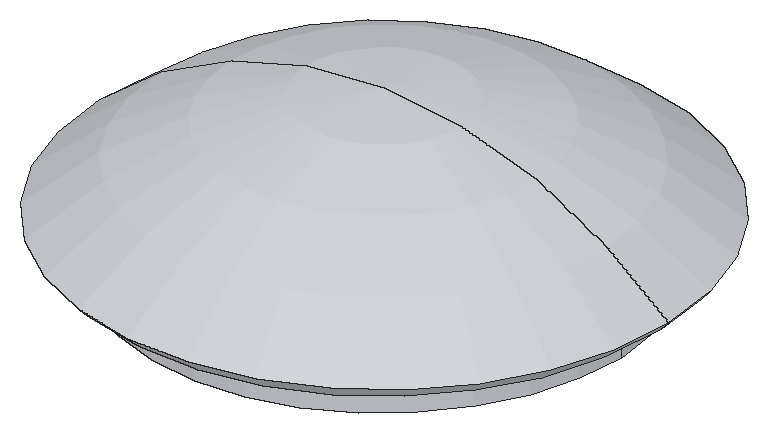
Revit family "0043499", category Lighting Fixtures, host Face, Revit 2017
Family settings
  Host = Face
  Round Connector Dimension = Use Diameter
  Part Type = Normal
  OmniClass Number = 23.80.70.00
  OmniClass Title = Lighting
  Cut with Voids When Loaded = No
  Light Source = Yes
  Shared = No
  Room Calculation Point = No
Parameters (values of type "0043499_3000K SYLCIRCLE IP44 2050LM 830/840 DT")
  YIN_SENSOR_SYL = no
  YIN_360_SYL = yes
  YIN_330_SYL = no
  YIN_250_SYL = no
  YIN_180_SYL = no
  Weight = "3.12 kg"
  Wattage Comments = ""
  Wattage = 0 W
  WarrantyStartDate [instance] = "n/a"
  WarrantyGuarantorParts = "n/a"
  WarrantyDurationUnit = "n/a"
  WarrantyDurationParts = "n/a"
  WarrantyDescription = "n/a"
  built-in parameter 1150110 = 1 (stored number, unit not read)
  Voltage = 0 V
  URL = "http://www.sylvania-lighting.com"
  TypeName = "SylCircle IP44 2050lm 830/840 DualTone"
  Type Image = <None>
  Type Comments = "n/a"
  built-in parameter 1114217 = 1 (stored number, unit not read)
  Tilt Angle = -90.00°
  built-in parameter 1150109 = 1 (stored number, unit not read)
  built-in parameter 1150134 = 3
  built-in parameter 1150113 = 1 (stored number, unit not read)
  SerialNumber [instance] = "n/a"
  SENSOR_SYL = 12 mm
  Photometric Web File = "0043499_3000K.ies"
  Material_3_SYL = none
  PowerFactor = 0
  PowerConsumption = "n/a"
  NominalLength = 0 mm
  NominalHeight = 0 mm
  NominalDepth = 0 mm
  Name = "SylCircle IP44 2050lm 830/840 DualTone"
  ModelReference = Name  # "SylCircle IP44 2050lm 830/840 DualTone"
  ModelNumber = "0043499"
  Model = Name  # "SylCircle IP44 2050lm 830/840 DualTone"
  Material = "n/a"
  ManufacturerName = "Feilo Sylvania"
  Manufacturer = "Feilo Sylvania"
  LuminousEfficacy = "n/a"
  built-in parameter 1150105 = (empty or 0)
  Lumens = 0 lm
  LuminaireType = ""
  built-in parameter 1150115 = 1 (stored number, unit not read)
  LightOutputRatio = "n/a"
  built-in parameter 1150137 = (empty or 0)
  built-in parameter 1150139 = (empty or 0)
  LampsType = Lamp  # "LED"
  LampNominalLuminous = "n/a"
  LampMacAdamStep = "n/a"
  LampColourTemperature = "n/a"
  LampColourRenderingIndex = "n/a"
  built-in parameter 1150112 = 1 (stored number, unit not read)
  built-in parameter 1150114 = 1 (stored number, unit not read)
  Lamp = "LED"
  LUM_R_SYL = if(YIN_180_SYL, 90 mm, if(YIN_250_SYL, 125 mm, if(YIN_330_SYL, 165 mm, if(YIN_360_SYL, 180 mm, 180 mm))))  # 180 mm
  LUM_R_HEIGHT_SYL = LUM_H_SYL - 30 mm  # 70 mm
  LUM_H_SYL = if(YIN_180_SYL, 75 mm, if(YIN_250_SYL, 80 mm, if(YIN_330_SYL, 96 mm, if(YIN_360_SYL, 100 mm, 100 mm))))  # 100 mm
  Keynote = "16500"
  InstallationDate [instance] = "n/a"
  InputVoltage = "n/a"
  InputNominalFrequency = "n/a"
  built-in parameter 1150132 = (empty or 0)
  built-in parameter 1150102 = (empty or 0)
  built-in parameter 1150107 = 3200 (stored number, unit not read)
  built-in parameter 1150138 = (empty or 0)
  IngressProtection = "n/a"
  ImpactProtectionIndex = "n/a"
  built-in parameter 1150106 = 1.0982 (stored number, unit not read)
  IfcExportType = "IfcLightFixtureType"
  IfcExportAs = "IfcLightFixtureType"
  Emit from Circle Diameter = 609.6 mm
  Emit Shape Visible in Rendering = no
  ElectricShockClassification = "n/a"
  built-in parameter 1150104 = (empty or 0)
  DocumentationLiterature = "http://www.sylvania-lighting.com/product/en-int/products/0043499"
  DimmingControlOptions = "n/a"
  Material_2_SYL = none
  Dimming Lamp Color Temperature Shift = <None>
  Description = ""
  Default Elevation = 1219.2 mm
  CreatedOn = "8/17/2020"
  CreatedBy = "@sylvania-lighting.com"
  Cost = 0
  Color Filter = 16777215
  built-in parameter 1114216 [instance] = (empty or 0)
  ClassificationValue = "EF_70_80"
  ClassificationName = "Uniclass2015"
  Material_1_SYL = none
  BarCode [instance] = "n/a"
  built-in parameter 1114218 = 1 (stored number, unit not read)
  BOTTOM_R_SYL = if(YIN_180_SYL, 76 mm, if(YIN_250_SYL, 110 mm, if(YIN_330_SYL, 150 mm, if(YIN_360_SYL, 150 mm, 150 mm))))  # 150 mm
  BOTTOM_HEIGHT_SYL = LUM_H_SYL - 15 mm  # 85 mm
  built-in parameter 1150133 = 10 (stored number, unit not read)
  AssetType = "Fixed"
  AssetIdentifier [instance] = "n/a"
  Assembly Code = "D5020200"
  Apparent Load = 0 VA
  Material_4_SYL = none
Types (16, lengths in mm): name | YIN_360_SYL | YIN_330_SYL | YIN_250_SYL | YIN_180_SYL | Weight | TypeName | Photometric Web File | Name | ModelReference | ModelNumber | Model | LUM_R_SYL | LUM_R_HEIGHT_SYL | LUM_H_SYL | DocumentationLiterature | BOTTOM_R_SYL | BOTTOM_HEIGHT_SYL
  0043507_3000K SYLCIRCLE IP44 2050LM MW 830/840 DT | yes | no | no | no | "3.42 kg" | "SylCircle IP44 2050LM MW 830/840 DualTone" | "0043507_3000K.ies" | "SylCircle IP44 2050LM MW 830/840 DualTone" | "SylCircle IP44 2050LM MW 830/840 DualTone" | "0043507" | "SylCircle IP44 2050LM MW 830/840 DualTone" | 180 | 70 | 100 | "http://www.sylvania-lighting.com/product/en-int/products/0043507" | 150 | 85
  0043506_4000K SYLCIRCLE IP44 1550LM MW 830/840 DT | no | yes | no | no | "3.42 kg" | "SylCircle IP44 1550LM MW 830/840 DualTone" | "0043506_4000K.ies" | "SylCircle IP44 1550LM MW 830/840 DualTone" | "SylCircle IP44 1550LM MW 830/840 DualTone" | "0043506" | "SylCircle IP44 1550LM MW 830/840 DualTone" | 165 | 66 | 96 | "http://www.sylvania-lighting.com/product/en-int/products/0043506" | 150 | 81
  0043506_3000K SYLCIRCLE IP44 1550LM MW 830/840 DT | no | yes | no | no | "3.42 kg" | "SylCircle IP44 1550LM MW 830/840 DualTone" | "0043506_3000K.ies" | "SylCircle IP44 1550LM MW 830/840 DualTone" | "SylCircle IP44 1550LM MW 830/840 DualTone" | "0043506" | "SylCircle IP44 1550LM MW 830/840 DualTone" | 165 | 66 | 96 | "http://www.sylvania-lighting.com/product/en-int/products/0043506" | 150 | 81
  0043505_4000K SYLCIRCLE IP44 2050LM DIM 830/840 DT | yes | no | no | no | "3.54 kg" | "SylCircle IP44 2050LM DIM 830/840 DualTone" | "0043505_4000K.ies" | "SylCircle IP44 2050LM DIM 830/840 DualTone" | "SylCircle IP44 2050LM DIM 830/840 DualTone" | "0043505" | "SylCircle IP44 2050LM DIM 830/840 DualTone" | 180 | 70 | 100 | "http://www.sylvania-lighting.com/product/en-int/products/0043505" | 150 | 85
  0043505_3000K SYLCIRCLE IP44 2050LM DIM 830/840 DT | yes | no | no | no | "3.54 kg" | "SylCircle IP44 2050LM DIM 830/840 DualTone" | "0043505_3000K.ies" | "SylCircle IP44 2050LM DIM 830/840 DualTone" | "SylCircle IP44 2050LM DIM 830/840 DualTone" | "0043505" | "SylCircle IP44 2050LM DIM 830/840 DualTone" | 180 | 70 | 100 | "http://www.sylvania-lighting.com/product/en-int/products/0043505" | 150 | 85
  0043504_4000K SYLCIRCLE IP44 1550LM DIM 830/840 DT | no | yes | no | no | "3.54 kg" | "SylCircle IP44 1550LM DIM 830/840 DualTone" | "0043504_4000K.ies" | "SylCircle IP44 1550LM DIM 830/840 DualTone" | "SylCircle IP44 1550LM DIM 830/840 DualTone" | "0043504" | "SylCircle IP44 1550LM DIM 830/840 DualTone" | 165 | 66 | 96 | "http://www.sylvania-lighting.com/product/en-int/products/0043504" | 150 | 81
  0043504_3000K SYLCIRCLE IP44 1550LM DIM 830/840 DT | no | yes | no | no | "3.54 kg" | "SylCircle IP44 1550LM DIM 830/840 DualTone" | "0043504_3000K.ies" | "SylCircle IP44 1550LM DIM 830/840 DualTone" | "SylCircle IP44 1550LM DIM 830/840 DualTone" | "0043504" | "SylCircle IP44 1550LM DIM 830/840 DualTone" | 165 | 66 | 96 | "http://www.sylvania-lighting.com/product/en-int/products/0043504" | 150 | 81
  0043499_4000K SYLCIRCLE IP44 2050LM 830/840 DT | yes | no | no | no | "3.12 kg" | "SylCircle IP44 2050lm 830/840 DualTone" | "0043499_4000K.ies" | "SylCircle IP44 2050lm 830/840 DualTone" | "SylCircle IP44 2050lm 830/840 DualTone" | "0043499" | "SylCircle IP44 2050lm 830/840 DualTone" | 180 | 70 | 100 | "http://www.sylvania-lighting.com/product/en-int/products/0043499" | 150 | 85
  0043499_3000K SYLCIRCLE IP44 2050LM 830/840 DT | yes | no | no | no | "3.12 kg" | "SylCircle IP44 2050lm 830/840 DualTone" | "0043499_3000K.ies" | "SylCircle IP44 2050lm 830/840 DualTone" | "SylCircle IP44 2050lm 830/840 DualTone" | "0043499" | "SylCircle IP44 2050lm 830/840 DualTone" | 180 | 70 | 100 | "http://www.sylvania-lighting.com/product/en-int/products/0043499" | 150 | 85
  0043498_4000K SYLCIRCLE IP44 1550LM 830/840 DT | no | yes | no | no | "3.12 kg" | "SylCircle IP44 1550lm 830/840 DualTone" | "0043498_4000K.ies" | "SylCircle IP44 1550lm 830/840 DualTone" | "SylCircle IP44 1550lm 830/840 DualTone" | "0043498" | "SylCircle IP44 1550lm 830/840 DualTone" | 165 | 66 | 96 | "http://www.sylvania-lighting.com/product/en-int/products/0043498" | 150 | 81
  0043498_3000K SYLCIRCLE IP44 1550LM 830/840 DT | no | yes | no | no | "3.12 kg" | "SylCircle IP44 1550lm 830/840 DualTone" | "0043498_3000K.ies" | "SylCircle IP44 1550lm 830/840 DualTone" | "SylCircle IP44 1550lm 830/840 DualTone" | "0043498" | "SylCircle IP44 1550lm 830/840 DualTone" | 165 | 66 | 96 | "http://www.sylvania-lighting.com/product/en-int/products/0043498" | 150 | 81
  0043497_4000K SYLCIRCLE IP44 1025LM 830/840 DT | no | no | yes | no | "1.5 kg" | "SylCircle IP44 1025lm 830/840 DualTone" | "0043497_4000K.ies" | "SylCircle IP44 1025lm 830/840 DualTone" | "SylCircle IP44 1025lm 830/840 DualTone" | "0043497" | "SylCircle IP44 1025lm 830/840 DualTone" | 125 | 50 | 80 | "http://www.sylvania-lighting.com/product/en-int/products/0043497" | 110 | 65
  0043497_3000K SYLCIRCLE IP44 1025LM 830/840 DT | no | no | yes | no | "1.5 kg" | "SylCircle IP44 1025lm 830/840 DualTone" | "0043497_3000K.ies" | "SylCircle IP44 1025lm 830/840 DualTone" | "SylCircle IP44 1025lm 830/840 DualTone" | "0043497" | "SylCircle IP44 1025lm 830/840 DualTone" | 125 | 50 | 80 | "http://www.sylvania-lighting.com/product/en-int/products/0043497" | 110 | 65
  0043496_4000K SYLCIRCLE IP44 520LM 830/840 DT | no | no | no | yes | "1.02 kg" | "SylCircle IP44 520lm 830/840 DualTone" | "0043496_4000K.ies" | "SylCircle IP44 520lm 830/840 DualTone" | "SylCircle IP44 520lm 830/840 DualTone" | "0043496" | "SylCircle IP44 520lm 830/840 DualTone" | 90 | 45 | 75 | "http://www.sylvania-lighting.com/product/en-int/products/0043496" | 76 | 60
  0043496_3000K SYLCIRCLE IP44 520LM 830/840 DT | no | no | no | yes | "1.02 kg" | "SylCircle IP44 520lm 830/840 DualTone" | "0043496_3000K.ies" | "SylCircle IP44 520lm 830/840 DualTone" | "SylCircle IP44 520lm 830/840 DualTone" | "0043496" | "SylCircle IP44 520lm 830/840 DualTone" | 90 | 45 | 75 | "http://www.sylvania-lighting.com/product/en-int/products/0043496" | 76 | 60
  0043507_4000K SYLCIRCLE IP44 2050LM MW 830/840 DT | yes | no | no | no | "3.42 kg" | "SylCircle IP44 2050LM MW 830/840 DualTone" | "0043507_4000K.ies" | "SylCircle IP44 2050LM MW 830/840 DualTone" | "SylCircle IP44 2050LM MW 830/840 DualTone" | "0043507" | "SylCircle IP44 2050LM MW 830/840 DualTone" | 180 | 70 | 100 | "http://www.sylvania-lighting.com/product/en-int/products/0043507" | 150 | 85
Reference planes
  plane 1 "Center (Front/Back)": y = 0
  plane 2: z = 0
  plane 3 "Center (Left/Right)": x = 0
  plane 4: x = -150
  plane 5: x = -180
  plane 6: z = -100
  plane 7: z = -70
  plane 8: z = -85
  plane 9: z = 12
Forms (mm)
  Revolve 1, solid
    sketch origin (0, 0, 0) x (1, 0, 0) y (0, 0, 1)
      loop
        line (0, -100) -> (0, 0)
        arc (0, 0) -> (-96.445, -18.426) -> (-180, -70) r 271.082
        arc (-180, -70) -> (-166.746, -80.992) -> (-150, -85) r 37.967
        line (-150, -85) -> (-150, -100) -> (0, -100)
      axis (0, -100) -> (0, 0)
    angle from 360 to 0
Dimensions and locks
  "BOTTOM_R_SYL": plane 3 "Center (Left/Right)" to plane 4
  "LUM_R_SYL": plane 3 "Center (Left/Right)" to plane 5
  "BOTTOM_HEIGHT_SYL": host face to plane 8
  "LUM_R_HEIGHT_SYL": host face to plane 7
  "LUM_H_SYL": host face to plane 6
  "SENSOR_SYL": plane 9 to host face
  aligned and locked: plane 2 to host face
  aligned and locked: level to host face
  aligned and locked: Revolve 1 sketch curve to plane 6
  aligned and locked: plane 4 to Revolve 1 sketch curve
  aligned and locked: imposter light to Revolve 1 sketch curve
  aligned and locked: Revolve 1 sketch curve to imposter light
Automatic sketch dimensions
  host sketch curve to host sketch curve = 2438.4 mm  (x2)
  Revolve 1 sketch curve to plane 5 = 0 mm
  Revolve 1 sketch curve to plane 8 = 0 mm
  Revolve 1 sketch curve to plane 7 = 0 mm
  plane 4 to Revolve 1 sketch curve = 0.233 mm
  plane 3 "Center (Left/Right)" to Revolve 1 sketch curve = 1.807 mm
